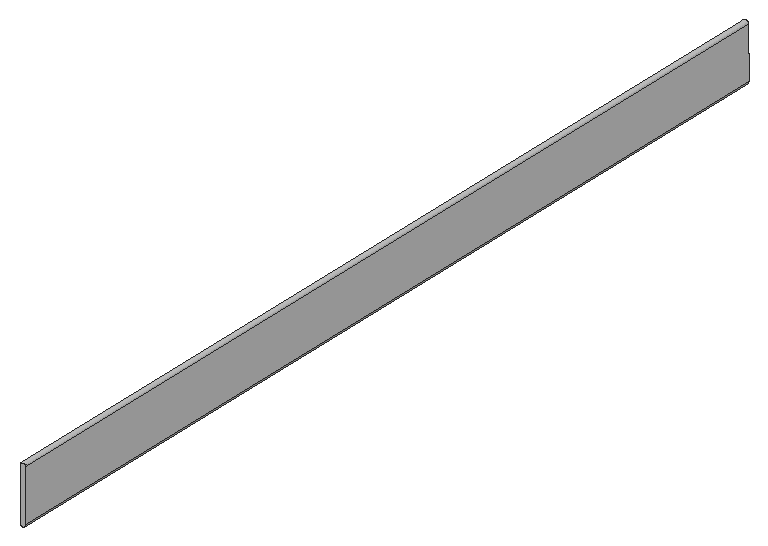
Revit family "Wall_Expansion_Joint-Emseal-Emshield-WFR3-(0.5-6-Inch)", category Specialty Equipment, host Face, Revit 2019
Family settings
  Host = Face
  Round Connector Dimension = Use Diameter
  Part Type = Normal
  OmniClass Number = 23.25.30.24
  OmniClass Title = Structural Walls
  Cut with Voids When Loaded = No
  Shared = No
  Room Calculation Point = No
Parameters (values of type "REFER TO TYPE CATALOG")
  Width = 0' - 0 1/2"
  Water Penetration of Curtain Wall By Uniform Static Air Pressure Difference (ASTM E331-00) = "No water penetration - 15 minute duration at 500 Delta-P(Pa), 1000 Delta-P(Pa),  and 5000 Delta-P(Pa)"  # constant formula
  URL = "http://www.emseal.com/"
  Type Image = <None>
  Type Comments = ""
  Tornado Resistance (Air Leakage) (ASTM E283) = "Tested to 200 mph with essentially no deflection"  # constant formula
  Thermal Conductivity (ASTM C518) = "0.9824 BTU*in/h*ft^2*F (0.1417 W/m*K)"  # constant formula
  Tensile Strength (ASTM D3574) = "21 psi min;  145 kPa"  # constant formula
  Temperature Range (ASTM C711) = "185°F (85°C) to -40°F (-40°C)"  # constant formula
  Standard Test Method For Structural Performance of Exterior Windows, Doors, Sylights and Curtain Walls by Uniform Static Air Pressure Difference (ASTM E330) = "1.9mm @ 4854Pa (200mph) 6-Inch width"  # constant formula
  Staining (ASTM C510) = "None"  # constant formula
  Seal Material Note = "WFR3 has a layer of Intumescent Sealant underneath the layers of silicone on both sides"  # constant formula
  Seal Material = Silicone - Sikasil WS-295
  STC Rating (Sound Transmission Class) (ASTM E90) = "STC 64 (in a STC 68 wall)"  # constant formula
  Rate of Air Leakage (ASTM E283) = "Passed"  # constant formula
  R Value Range (ASTM C518) = "1.03 per 1-inch (25mm) depth"  # constant formula
  Product data url = "https://cdn.emseal.com/wp-content/uploads/2016/06/emshield-wfr3-tech-data-3-hour-fire-rated-expansion-joint-wall-emseal.pdf"
  Product Page URL = "https://www.emseal.com/product/wfr3-3-hour-fire-rated-wall-expansion-joint-emshield/"
  Product Documentation Link = "https://cdn.emseal.com/wp-content/uploads/2016/06/emshield-wfr3-tech-data-3-hour-fire-rated-expansion-joint-wall-emseal.pdf"
  Pick Resistant = "No"  # constant formula
  OITC Rating (Outdoor/Indoor Transmission Class) = "OITC 52 (in a OITC 52 wall)"  # constant formula
  Number of Sticks Required [instance] = Length / 6' 6 23/32"  # 1
  Movement (of Nominal Material Size) = "+ 25% / - 25%"
  Model = "WFR3"
  Manufacturer = "Emseal Joint Systems, Ltd."  # constant formula
  Length [instance] = 6' - 6 23/32"
  Keynote = ""
  Host Thickness = 0' 0" - Depth  # -0' - 5"
  Fire Resistance and Movement Cycling Regime (UL 2079, ASTM E1966, ASTM E119, ASTM E1399) = "Passed"  # constant formula
  Fire Rating (Hours per UL2079) = "3"
  Fire Rated Movement Rating (UL2079) = "Class II, III"  # constant formula
  Durometer Hardness of Silicone Coating (ASTM D2240) = "Shore A: 15"  # constant formula
  Description = "Fire Rated, Watertight, Sound Dampening, Primary Seal for Interior and Exterior Wall Expansion Joints"  # constant formula
  Depth = 0' - 5"
  Default Elevation = 0' - 5"
  Assembly Code = "B2010"
  Air Permeability (ASTM E283-04) = "0.00017 L/(s-m²) @ 75 Delta-P(Pa) 0.00017 L(s-m²) @ 250 Delta-P(Pa)"  # constant formula
  ABAA Compliance = "YES"  # constant formula
Reference planes (in)
  plane 1 "Center (Front/Back)": y = 0
  plane 2: z = 0
  plane 3 "Center (Left/Right)": x = 0
  plane 4: y = 39.35937
  plane 5: y = -39.35938
  plane 6: x = -0.25
  plane 7: x = 0.25
  plane 8: z = -5
Forms (in)
  Extrusion 1, void
    sketch origin (0, 0, 0) x (1, 0, 0) y (0, 1, 0)
      loop
        line (-0.25, -39.35938) -> (0.25, -39.35938) -> (0.25, 39.35937) -> (-0.25, 39.35937) -> (-0.25, -39.35938)
    from -120 to 0
Dimensions and locks (in)
  equal spacing: plane 6, plane 3 "Center (Left/Right)", plane 7
  "Width": plane 6 to plane 7
  "Length": plane 4 to plane 5
  "Depth": level to plane 8
  equal spacing: plane 4, plane 1 "Center (Front/Back)", plane 5
  aligned and locked: plane 2 to host face
  aligned and locked: level to host face
  aligned and locked: Extrusion 1 sketch curve to plane 5
  aligned and locked: Extrusion 1 sketch curve to plane 7
  aligned and locked: Extrusion 1 sketch curve to plane 6
  aligned and locked: Extrusion 1 sketch curve to plane 4
  aligned and locked: plane 2 to Extrusion 1
  aligned and locked: plane 4 to nested 1
  aligned and locked: plane 5 to nested 1
  aligned and locked: plane 3 "Center (Left/Right)" to nested 1
Automatic sketch dimensions
  host sketch curve to host sketch curve = 8' - 0"
  host sketch curve to host sketch curve = 6' - 6 23/32"
Nested families (in)
  nested 1: "EmShield_WFR_Bellow_Facebased" at (0, 0, 0), Seal Material <- "Seal Material", Width <- "Width", Depth <- "Depth", type "WFR"
    with Width 0' - 0 1/2", Triple Bellow no, Single Bellow yes, Seal Material Silicone - Sikasil WS-295, Quad Bellow no, Pent Bellow no, Length 6' - 6 23/32", Depth 0' - 5", Calc Width Triple 0' - 1 1/2", Calc Width Single 0' - 0 1/2", Calc Width Quad 0' - 3 131/256", Calc Width Pent 0' - 4 1/2"
Definition of nested family "EmShield_WFR_Bellow_Facebased"
  Parameters
    Width [instance] = 0' - 4 3/4"
    Triple Bellow [instance] = and(Width > 0' 1 125/256", Width < 0' 3 131/256")  # no
    Single Bellow [instance] = Width < 0' 1 67/256"  # no
    Seal Material [instance] = none
    Quad Bellow [instance] = and(Width > 0' 3 189/256", Width < 0' 4 131/256")  # no
    Pent Bellow [instance] = and(Width > 0' 4 189/256", Width < 0' 6 3/256")  # yes
    Length [instance] = 7' - 0"
    Depth [instance] = 0' - 4"
    Default Elevation = 4' - 0"
    Calc Width Triple [instance] = if(or(Width > 0' 3 131/256", Width < 0' 1 125/256"), 0' 1 1/2", Width)  # 0' - 1 1/2"
    Calc Width Single [instance] = if(Width > 0' 1 67/256", 0' 1 67/256", Width)  # 0' - 1 67/256"
    Calc Width Quad [instance] = if(or(Width > 0' 4 131/256", Width < 0' 3 189/256"), 0' 3 131/256", Width)  # 0' - 3 131/256"
    Calc Width Pent [instance] = if(or(Width > 0' 6 3/256", Width < 0' 4 125/256"), 0' 4 1/2", Width)  # 0' - 4 3/4"
  Reference planes (in)
    plane 1 "Center (Front/Back)": y = 0
    plane 2: z = 0
    plane 3 "Center (Left/Right)": x = 0
    plane 4: y = 42
    plane 5: y = -42
    plane 6: x = -0.75
    plane 7: x = 0.75
    plane 8: z = -4
    plane 9: x = -0.87793
    plane 10: x = 0.87793
    plane 11: x = -0.25
    plane 12: x = 0.25
    plane 13: x = -1.75586
    plane 14: x = 1.75586
    plane 15: x = -0.63086
    plane 16: x = 0.63086
    plane 17: x = -2.375
    plane 18: x = 2.375
    plane 19: x = -5.625
    plane 20: x = 5.875
    plane 21: x = -1.425
    plane 22: x = -0.475
    plane 23: x = 0.475
    plane 24: x = -2.375
    plane 25: x = 2.375
    plane 26: x = 1.425
  Forms (in)
    Extrusion 1, solid
      sketch origin (0, 0, 0) x (1, 0, 0) y (0, 1, 0)
        loop
          line (-48, 48) -> (-48, -48) -> (48, -48) -> (48, 48) -> (-48, 48)
      from 0 to -12
    Extrusion 2, solid, material <- "Seal Material", visible <- "Quad Bellow", detail levels medium+fine
      sketch origin (0, 0, 0) x (1, 0, 0) y (0, 0, 1)
        loop
          line (1.75586, -3.56106) -> (1.75586, -0.43896)
          arc (1.75586, -0.43896) -> (1.31689, 0) -> (0.87793, -0.43896) r 0.43896
          arc (0.87793, -0.43896) -> (0.43896, 0) -> (0, -0.43896) r 0.43896
          arc (0, -0.43896) -> (-0.43896, 0) -> (-0.87793, -0.43896) r 0.43896
          arc (-0.87793, -0.43896) -> (-1.31689, 0) -> (-1.75586, -0.43896) r 0.43896
          line (-1.75586, -0.43896) -> (-1.75586, -3.56106)
          arc (-1.75586, -3.56106) -> (-1.31689, -4.00002) -> (-0.87793, -3.56106) r 0.43896
          arc (-0.87793, -3.56106) -> (-0.43896, -4.00002) -> (0, -3.56106) r 0.43896
          arc (0, -3.56106) -> (0.43896, -4.00002) -> (0.87793, -3.56106) r 0.43896
          arc (0.87793, -3.56106) -> (1.31689, -4.00002) -> (1.75586, -3.56106) r 0.43896
      from -42 to 42
    Extrusion 3, solid, material <- "Seal Material", visible <- "Triple Bellow", detail levels medium+fine
      sketch origin (0, 0, 0) x (1, 0, 0) y (0, 0, 1)
        loop
          line (-0.75, -0.25) -> (-0.75, -3.75)
          arc (-0.75, -3.75) -> (-0.5, -4) -> (-0.25, -3.75) r 0.25
          arc (-0.25, -3.75) -> (0, -4) -> (0.25, -3.75) r 0.25
          arc (0.25, -3.75) -> (0.5, -4) -> (0.75, -3.75) r 0.25
          line (0.75, -3.75) -> (0.75, -0.25)
          arc (0.75, -0.25) -> (0.5, 0) -> (0.25, -0.25) r 0.25
          arc (0.25, -0.25) -> (0, 0) -> (-0.25, -0.25) r 0.25
          arc (-0.25, -0.25) -> (-0.5, 0) -> (-0.75, -0.25) r 0.25
      from -42 to 42
    Extrusion 4, solid, material <- "Seal Material", visible <- "Single Bellow", detail levels medium+fine
      sketch origin (0, 0, 0) x (1, 0, 0) y (0, 0, 1)
        loop
          line (-0.63086, -0.63086) -> (-0.63086, -3.36914)
          arc (-0.63086, -3.36914) -> (0, -4) -> (0.63086, -3.36914) r 0.63086
          line (0.63086, -3.36914) -> (0.63086, -0.63086)
          arc (0.63086, -0.63086) -> (0, 0) -> (-0.63086, -0.63086) r 0.63086
      from -42 to 42
    Extrusion 5, solid, material <- "Seal Material", detail levels coarse
      sketch origin (0, 0, 0) x (1, 0, 0) y (0, 0, 1)
        loop
          line (2.375, -4) -> (2.375, 0) -> (-2.375, 0) -> (-2.375, -4) -> (2.375, -4)
      from -42 to 42
    Extrusion 6, solid, material <- "Seal Material", visible <- "Pent Bellow", detail levels medium+fine
      sketch origin (0, 0, 0) x (1, 0, 0) y (0, 0, 1)
        loop
          line (-2.375, -0.475) -> (-2.375, -3.52513)
          arc (-2.375, -3.52513) -> (-1.9, -4.00013) -> (-1.425, -3.52513) r 0.475
          arc (-1.425, -3.52513) -> (-0.95, -4.00013) -> (-0.475, -3.52513) r 0.475
          arc (-0.475, -3.52513) -> (0, -4.00013) -> (0.475, -3.52513) r 0.475
          arc (0.475, -3.52513) -> (0.95, -4.00013) -> (1.425, -3.52513) r 0.475
          arc (1.425, -3.52513) -> (1.9, -4.00013) -> (2.375, -3.52513) r 0.475
          line (2.375, -3.52513) -> (2.375, -0.475)
          arc (2.375, -0.475) -> (1.9, 0) -> (1.425, -0.475) r 0.475
          arc (1.425, -0.475) -> (0.95, 0) -> (0.475, -0.475) r 0.475
          arc (0.475, -0.475) -> (0, 0) -> (-0.475, -0.475) r 0.475
          arc (-0.475, -0.475) -> (-0.95, 0) -> (-1.425, -0.475) r 0.475
          arc (-1.425, -0.475) -> (-1.9, 0) -> (-2.375, -0.475) r 0.475
      from -42 to 42
  Lines and regions (in)
    Masking region 1
      outline origin (0, 0, 2.62265) x (-1, 0, 0) y (0, -1, 0)
        loop
          line (2.375, -42) -> (2.375, 42) -> (-2.375, 42) -> (-2.375, -42) -> (2.375, -42)
    Masking region 2, detail levels coarse
      outline origin (0, 0, 0) x (1, 0, 0) y (0, 0, 1)
        loop
          line (2.375, 0) -> (-2.375, 0) -> (-2.375, -4) -> (2.375, -4) -> (2.375, 0)
    Masking region 3, visible <- "Pent Bellow", detail levels medium+fine
      outline origin (0, 0, 0) x (1, 0, 0) y (0, 0, 1)
        loop
          arc (-1.425, -0.475) -> (-1.9, 0) -> (-2.375, -0.475) r 0.475
          line (-2.375, -0.475) -> (-2.375, -3.52513)
          arc (-2.375, -3.52513) -> (-1.9, -4.00013) -> (-1.425, -3.52513) r 0.475
          arc (-1.425, -3.52513) -> (-0.95, -4.00013) -> (-0.475, -3.52513) r 0.475
          arc (-0.475, -3.52513) -> (0, -4.00013) -> (0.475, -3.52513) r 0.475
          arc (0.475, -3.52513) -> (0.95, -4.00013) -> (1.425, -3.52513) r 0.475
          arc (1.425, -3.52513) -> (1.9, -4.00013) -> (2.375, -3.52513) r 0.475
          line (2.375, -3.52513) -> (2.375, -0.475)
          arc (2.375, -0.475) -> (1.9, 0) -> (1.425, -0.475) r 0.475
          arc (1.425, -0.475) -> (0.95, 0) -> (0.475, -0.475) r 0.475
          arc (0.475, -0.475) -> (0, 0) -> (-0.475, -0.475) r 0.475
          arc (-0.475, -0.475) -> (-0.95, 0) -> (-1.425, -0.475) r 0.475
    Masking region 4, visible <- "Quad Bellow", detail levels medium+fine
      outline origin (0, 0, 0) x (1, 0, 0) y (0, 0, 1)
        loop
          line (-1.75586, -0.43896) -> (-1.75586, -3.56106)
          arc (-1.75586, -3.56106) -> (-1.31689, -4.00002) -> (-0.87793, -3.56106) r 0.43896
          arc (-0.87793, -3.56106) -> (-0.43896, -4.00002) -> (0, -3.56106) r 0.43896
          arc (0, -3.56106) -> (0.43896, -4.00002) -> (0.87793, -3.56106) r 0.43896
          arc (0.87793, -3.56106) -> (1.31689, -4.00002) -> (1.75586, -3.56106) r 0.43896
          line (1.75586, -3.56106) -> (1.75586, -0.43896)
          arc (1.75586, -0.43896) -> (1.31689, 0) -> (0.87793, -0.43896) r 0.43896
          arc (0.87793, -0.43896) -> (0.43896, 0) -> (0, -0.43896) r 0.43896
          arc (0, -0.43896) -> (-0.43896, 0) -> (-0.87793, -0.43896) r 0.43896
          arc (-0.87793, -0.43896) -> (-1.31689, 0) -> (-1.75586, -0.43896) r 0.43896
    Masking region 5, visible <- "Single Bellow", detail levels medium+fine
      outline origin (0, 0, 0) x (1, 0, 0) y (0, 0, 1)
        loop
          arc (0.63086, -0.63086) -> (0, 0) -> (-0.63086, -0.63086) r 0.63086
          line (-0.63086, -0.63086) -> (-0.63086, -3.36914)
          arc (-0.63086, -3.36914) -> (0, -4) -> (0.63086, -3.36914) r 0.63086
          line (0.63086, -3.36914) -> (0.63086, -0.63086)
    Masking region 6, visible <- "Triple Bellow", detail levels medium+fine
      outline origin (0, 0, 0) x (1, 0, 0) y (0, 0, 1)
        loop
          arc (-0.25, -3.75) -> (0, -4) -> (0.25, -3.75) r 0.25
          arc (0.25, -3.75) -> (0.5, -4) -> (0.75, -3.75) r 0.25
          line (0.75, -3.75) -> (0.75, -0.25)
          arc (0.75, -0.25) -> (0.5, 0) -> (0.25, -0.25) r 0.25
          arc (0.25, -0.25) -> (0, 0) -> (-0.25, -0.25) r 0.25
          arc (-0.25, -0.25) -> (-0.5, 0) -> (-0.75, -0.25) r 0.25
          line (-0.75, -0.25) -> (-0.75, -3.75)
          arc (-0.75, -3.75) -> (-0.5, -4) -> (-0.25, -3.75) r 0.25
    Masking region 7
      outline origin (0, 0, 0) x (0, 1, 0) y (0, 0, 1)
        loop
          line (42, -4) -> (42, 0) -> (-42, 0) -> (-42, -4) -> (42, -4)
    symbolic lines, visible <- "Quad Bellow", detail levels medium+fine
      curve 1: line (-0.87793, 42, 2.62265) -> (-0.87793, -42, 2.62265)
      curve 2: line (0.87793, 42, 2.62265) -> (0.87793, -42, 2.62265)
      curve 3: line (0, 42, 2.62265) -> (0, -42, 2.62265)
    symbolic lines, visible <- "Triple Bellow", detail levels medium+fine
      curve 4: line (-0.25, 42, 0) -> (-0.25, -42, 0)
      curve 5: line (0.25, 42, 0) -> (0.25, -42, 0)
    symbolic lines, visible <- "Pent Bellow", detail levels medium+fine
      curve 6: line (-1.425, 42, 0) -> (-1.425, -42, 0)
      curve 7: line (-0.475, 42, 0) -> (-0.475, -42, 0)
      curve 8: line (0.475, 42, 0) -> (0.475, -42, 0)
      curve 9: line (1.425, 42, 0) -> (1.425, -42, 0)
  Dimensions and locks (in)
    "Length": plane 4 to plane 5
    equal spacing: plane 6, plane 3 "Center (Left/Right)", plane 7
    "Depth": level to plane 8
    plane 8 to Extrusion 2 sketch curve to Extrusion 2 sketch curve to Extrusion 2 sketch curve to Extrusion 2 sketch curve = 0' - 0.00002" locked, 0' - 0" locked, 0' - 0" locked, 0' - 0" locked
    Extrusion 2 sketch curve to Extrusion 2 sketch curve to Extrusion 2 sketch curve to Extrusion 2 sketch curve to plane 2 = 0' - 0" locked, 0' - 0" locked, 0' - 0" locked, 0' - 0" locked
    equal spacing: plane 4, plane 1 "Center (Front/Back)", plane 5
    plane 8 to Extrusion 3 sketch curve to Extrusion 3 sketch curve to Extrusion 3 sketch curve = 0' - 0" locked, 0' - 0" locked, 0' - 0" locked
    plane 2 to Extrusion 3 sketch curve to Extrusion 3 sketch curve to Extrusion 3 sketch curve = 0' - 0" locked, 0' - 0" locked, 0' - 0" locked
    equal spacing: plane 7, plane 12, plane 11, plane 6
    "Calc Width Triple": plane 7 to plane 6
    equal spacing: plane 14, plane 10, plane 3 "Center (Left/Right)", plane 9, plane 13
    "Calc Width Quad": plane 14 to plane 13
    equal spacing: plane 16, plane 3 "Center (Left/Right)", plane 15
    "Calc Width Single": plane 16 to plane 15
    locked: plane 8 to Extrusion 4 sketch curve at 0
    locked: plane 2 to Extrusion 4 sketch curve at 0
    equal spacing: plane 18, plane 3 "Center (Left/Right)", plane 17
    "Width": plane 18 to plane 17
    locked: plane 19 to plane 17 at 3.25
    locked: plane 18 to plane 20 at 3.5
    equal spacing: plane 25, plane 3 "Center (Left/Right)", plane 24
    "Calc Width Pent": plane 25 to plane 24
    equal spacing: plane 25, plane 26, plane 23, plane 22, plane 21, plane 24
    plane 8 to Extrusion 6 sketch curve to Extrusion 6 sketch curve to Extrusion 6 sketch curve to Extrusion 6 sketch curve to Extrusion 6 sketch curve = 0' - 0.00013" locked, 0' - 0" locked, 0' - 0" locked, 0' - 0" locked, 0' - 0" locked
    plane 2 to Extrusion 6 sketch curve to Extrusion 6 sketch curve to Extrusion 6 sketch curve to Extrusion 6 sketch curve to Extrusion 6 sketch curve = 0' - 0" locked, 0' - 0" locked, 0' - 0" locked, 0' - 0" locked, 0' - 0" locked
    aligned and locked: plane 2 to Extrusion 1
    aligned and locked: level to Extrusion 1
    aligned and locked: Masking region 1 sketch curve to plane 4
    aligned and locked: Masking region 1 sketch curve to plane 5
    aligned and locked: plane 5 to curve 1
    aligned and locked: plane 5 to curve 2
    aligned and locked: plane 4 to curve 2
    aligned and locked: plane 4 to curve 1
    aligned and locked: curve 3 to plane 3 "Center (Left/Right)"
    aligned and locked: plane 10 to Extrusion 2 sketch curve  (x2)
    aligned and locked: plane 3 "Center (Left/Right)" to Extrusion 2 sketch curve  (x2)
    aligned and locked: plane 9 to Extrusion 2 sketch curve  (x2)
    aligned and locked: Extrusion 2 to plane 5
    aligned and locked: plane 4 to Extrusion 2
    aligned and locked: plane 6 to Extrusion 3 sketch curve
    aligned and locked: plane 7 to Extrusion 3 sketch curve
    aligned and locked: plane 12 to Extrusion 3 sketch curve  (x2)
    aligned and locked: plane 11 to Extrusion 3 sketch curve  (x2)
    aligned and locked: plane 13 to Extrusion 2 sketch curve
    aligned and locked: Extrusion 2 sketch curve to plane 14
    aligned and locked: plane 15 to Extrusion 4 sketch curve
    aligned and locked: plane 16 to Extrusion 4 sketch curve
    aligned and locked: Extrusion 5 sketch curve to plane 8
    aligned and locked: Extrusion 5 sketch curve to plane 2
    aligned and locked: Extrusion 5 sketch curve to plane 17
    aligned and locked: Extrusion 5 sketch curve to plane 18
    aligned and locked: Extrusion 5 to plane 5
    aligned and locked: Extrusion 4 to plane 5
    aligned and locked: Extrusion 3 to plane 5
    aligned and locked: plane 4 to Extrusion 5
    aligned and locked: plane 4 to Extrusion 4
    aligned and locked: plane 4 to Extrusion 3
    aligned and locked: curve 4 to plane 11
    aligned and locked: curve 5 to plane 12
    aligned and locked: Masking region 1 sketch curve to plane 17
    aligned and locked: plane 18 to Masking region 1 sketch curve
    aligned and locked: plane 24 to Extrusion 6 sketch curve
    aligned and locked: plane 25 to Extrusion 6 sketch curve
    aligned and locked: plane 21 to Extrusion 6 sketch curve  (x2)
    aligned and locked: plane 22 to Extrusion 6 sketch curve  (x2)
    aligned and locked: plane 23 to Extrusion 6 sketch curve  (x2)
    aligned and locked: plane 26 to Extrusion 6 sketch curve  (x2)
    aligned and locked: Extrusion 6 to plane 5
    aligned and locked: plane 4 to Extrusion 6
    aligned and locked: curve 6 to plane 21
    aligned and locked: curve 7 to plane 22
    aligned and locked: curve 8 to plane 23
    aligned and locked: curve 9 to plane 26
    aligned and locked: Masking region 2 sketch curve to Extrusion 5  (x4)
    aligned and locked: Masking region 3 sketch curve to Extrusion 6  (x10)
    aligned and locked: Masking region 4 sketch curve to Extrusion 2  (x8)
    aligned and locked: Masking region 5 sketch curve to Extrusion 4  (x2)
    aligned and locked: Masking region 6 sketch curve to Extrusion 3  (x6)
    aligned and locked: plane 4 to Masking region 7 sketch curve
    aligned and locked: plane 5 to Masking region 7 sketch curve
    aligned and locked: plane 8 to Masking region 7 sketch curve
    aligned and locked: level to Masking region 7 sketch curve
  Automatic sketch dimensions
    Extrusion 1 sketch curve to Extrusion 1 sketch curve = 8' - 0"  (x2)
    curve 3 to plane 4 = 0' - 0"
    curve 3 to plane 5 = 0' - 0"
    curve 2 to plane 10 = 0' - 0"
    curve 1 to plane 9 = 0' - 0"
    Extrusion 3 sketch curve to Extrusion 3 sketch curve = 0' - 0"
    curve 4 to plane 5 = 0' - 0"
    curve 5 to plane 5 = 0' - 0"
    curve 5 to plane 4 = 0' - 0"
    curve 4 to plane 4 = 0' - 0"
    curve 6 to plane 5 = 0' - 0"
    plane 4 to curve 6 = 0' - 0"
    curve 7 to curve 6 = 0' - 0"
    curve 6 to curve 7 = 0' - 0"
    curve 8 to curve 7 = 0' - 0"
    curve 7 to curve 8 = 0' - 0"
    curve 9 to curve 8 = 0' - 0"
    curve 8 to curve 9 = 0' - 0"
